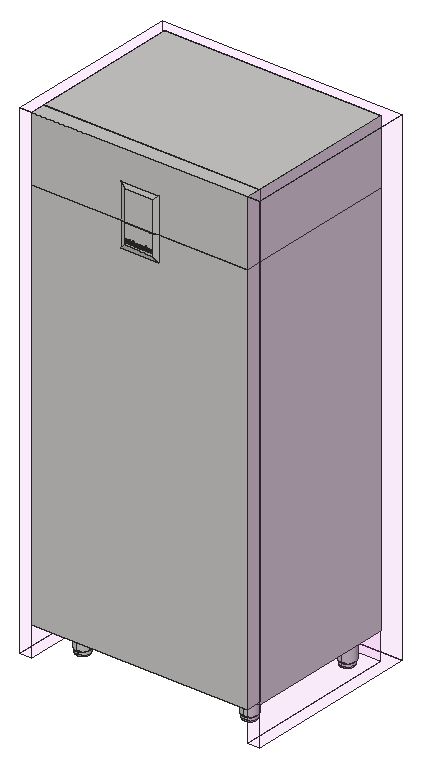
Revit family "QF_ELECTROLUXPROFESSIONAL_691357_ICF61FHC", category Specialty Equipment, Revit 2018
Family settings
  Round Connector Dimension = Use Diameter
  Part Type = Normal
  Work Plane-Based = No
  Always vertical = Yes
  Cut with Voids When Loaded = No
  Shared = No
  Room Calculation Point = No
Parameters (values of type "Standard")
  Weight = 26.747 lbm
  Watts = 0 W
  Volts = 220 V
  URL Manufacturer = "http://professional.electrolux.com"
  URL = "http://professional.electrolux.com"
  Steam Supply Size = 0"
  Steam Supply Minimum Pressure = 0.00 psi
  Steam Supply Maximum Pressure = 0.00 psi
  Steam Pounds per Hour = 0
  Show Clearance [instance] = yes
  Refrigeration Suction Line Size = 0"
  Refrigeration Liquid Line Size = 0"
  Refrigerant Compressor Remote = yes
  Phase = 1
  Model = "ICF61FHC"
  Manufacturer = "Electrolux Professional"
  Length Actual = 900 mm  # constant formula
  Item Number = "691357"
  Hot Water Size = 0"
  Height Actual = 2040 mm  # constant formula
  HP = "0.6 HP"
  Gas Size = 0"
  Gas KW = 0
  Gas Input Pressure = 0.0 Btu/h
  Direct Waste Size = 0"
  Description = "1-DOOR ICE CREAM PRESERVER 720L -28/-12°"
  Depth Actual = 700 mm  # constant formula
  Cycle = 50 Hz
  Condensate Return Size = 0"
  Compressed Air Volume = 0 GPM
  Compressed Air Size = 0"
  Compressed Air Pressure = 0.00 psi
  Cold Water Size = 0"
  Accessory = yes
Types (2, lengths in mm): name | URL | Phase | Model | Manufacturer | Description
  (no name) | "http://professional.electrolux.com/" | 0 | "RBC201" | "Electrolux" | "BLAST CHILLER 56 KG 20 GN1/1"
  Standard | "http://professional.electrolux.com" | 1 | "ICF61FHC" | "Electrolux Professional" | "1-DOOR ICE CREAM PRESERVER 720L -28/-12°"
Values of the unnamed type that differ from the named types
  Volts = 380 V
  URL Manufacturer = "http://professional.electrolux.com/"
  Item Number = "726624"
Reference planes
  plane 1 "BACK": y = 0
  plane 2: z = 0
  plane 3 "LEFT": x = 0
  plane 4 "RIGHT": x = 900
  plane 5 "FRONT": y = -700
  plane 6 "TOP": z = 2040
  plane 7 "Center Y": x = 450
  plane 8 "Center X": y = -350
  plane 9: x = 102
  plane 10: x = 798
  plane 11: z = 115
  plane 12: z = 86
  plane 13: y = -80
  plane 14: y = -694
  plane 15: y = -1527
  plane 16: y = -630
  plane 17: z = 1770
  plane 18: x = -50
  plane 19: y = 50
  plane 20: x = 950
Forms (mm)
  Extrusion 1, solid, material "QF_Metal - Stainless - Polished"
    sketch origin (0, 0, 0) x (1, 0, 0) y (0, 0, 1)
      loop
        line (0, 2040) -> (0, 1770) -> (900, 1770) -> (900, 2040) -> (0, 2040)
    from 0 to 630
  Extrusion 2, solid, material "QF_Metal - Stainless - Polished"
    sketch origin (0, 0, 0) x (1, 0, 0) y (0, 0, 1)
      loop
        line (0, 1770) -> (0, 115) -> (900, 115) -> (900, 1770) -> (0, 1770)
    from 0 to 630
  Extrusion 3, solid, material "QF_Metal - Stainless - Polished"
    sketch origin (-370, 0, -128) x (1, 0, 0) y (0, 0, 1)
      loop
        circle (450, 1847.083) r 20
    from -7.507 to 0
  Extrusion 4, solid, material "QF_Door-Drawer Clearances", visible <- "Show Clearance", detail levels coarse
    sketch origin (0, 0, 0) x (1, 0, 0) y (0, 1, 0)
      loop
        line (900, -694) -> (0, -694)
        arc (0, -694) -> (275.209, -1299.35) -> (900, -1527) r 859.201
        line (900, -1527) -> (900, -694)
    from 127.536 to 1770
  Extrusion 5, solid, material "QF_Metal - Stainless - Polished"
    sketch origin (0, 130.478, 0) x (1, 0, 0) y (0, 0, 1)
      loop
        line (0, 2040) -> (0, 1770) -> (900, 1770) -> (900, 2040) -> (0, 2040)
    from 760.478 to 824.478
  Extrusion 6, solid, material "QF_Metal - Stainless - Polished"
    sketch origin (0, 140, 0) x (1, 0, 0) y (0, 0, 1)
      loop
        line (0, 1770) -> (0, 127.536) -> (900, 127.536) -> (900, 1770) -> (0, 1770)
    from 834 to 770
  Revolve 7, solid, material "QF_Metal - Stainless - Polished"
    sketch origin (798, -2.833, 0) x (0, 1, 0) y (0, 0, -1)
      loop
        line (-590.954, -115) -> (-553.167, -115) -> (-553.167, 0) -> (-578.757, 0)
        arc (-578.757, 0) -> (-580.973, -2.655) -> (-581.767, -6.021) r 7.527
        line (-581.767, -6.021) -> (-581.767, -17.561) -> (-585.28, -21.074) -> (-585.28, -110.008) -> (-590.954, -110.008) -> (-590.954, -115)
      axis (-553.167, 0) -> (-553.167, -115)
    angle from 0 to 360
  Revolve 8, solid, material "QF_Metal - Stainless - Polished"
    sketch origin (102, -2.833, 0) x (0, 1, 0) y (0, 0, 1)
      loop
        line (-590.954, 115) -> (-590.954, 110.008) -> (-585.28, 110.008) -> (-585.28, 21.074) -> (-581.767, 17.561) -> (-581.767, 6.021)
        arc (-581.767, 6.021) -> (-580.973, 2.655) -> (-578.757, 0) r 7.527
        line (-578.757, 0) -> (-553.167, 0) -> (-553.167, 115) -> (-590.954, 115)
      axis (-553.167, 0) -> (-553.167, 115)
    angle from 0 to 360
  Revolve 9, solid, material "QF_Metal - Stainless - Polished"
    sketch origin (824, -759.167, 0) x (0, -1, 0) y (0, 0, 1)
      loop
        line (-716.954, 115) -> (-716.954, 110.008) -> (-711.28, 110.008) -> (-711.28, 21.074) -> (-707.767, 17.561) -> (-707.767, 6.021)
        arc (-707.767, 6.021) -> (-706.973, 2.655) -> (-704.757, 0) r 7.527
        line (-704.757, 0) -> (-679.167, 0) -> (-679.167, 115) -> (-716.954, 115)
      axis (-679.167, 0) -> (-679.167, 115)
    angle from 0 to 360
  Revolve 10, solid, material "QF_Metal - Stainless - Polished"
    sketch origin (76, -759.167, 0) x (0, -1, 0) y (0, 0, 1)
      loop
        line (-716.954, 115) -> (-716.954, 110.008) -> (-711.28, 110.008) -> (-711.28, 21.074) -> (-707.767, 17.561) -> (-707.767, 6.021)
        arc (-707.767, 6.021) -> (-706.973, 2.655) -> (-704.757, 0) r 7.527
        line (-704.757, 0) -> (-679.167, 0) -> (-679.167, 115) -> (-716.954, 115)
      axis (-679.167, 0) -> (-679.167, 115)
    angle from 0 to 360
  Blend 11, solid, material "QF_Metal - Stainless - Polished"
    base sketch origin (0, -694, 0) x (1, 0, 0) y (0, 0, 1)
      loop
        line (370, 1914.822) -> (370, 1664.822) -> (530, 1664.822) -> (530, 1914.822) -> (370, 1914.822)
    top sketch origin (0, -694, 0) x (1, 0, 0) y (0, 0, 1)
      loop
        line (510, 1894.822) -> (390, 1894.822) -> (390, 1684.822) -> (510, 1684.822) -> (510, 1894.822)
    from 0 to 6
  Extrusion 12, void
    sketch origin (0, -700, 0) x (-1, 0, 0) y (0, 0, 1)
      loop
        line (-370, 1770.997) -> (-530, 1770.997) -> (-530, 1769.003) -> (-370, 1769.003) -> (-370, 1770.997)
    from 0 to 6
  Extrusion 13, solid, material "QF_Door-Drawer Clearances"
    sketch origin (0, 0, 0) x (1, 0, 0) y (0, 1, 0)
      loop
        line (0, -694) -> (0, 0) -> (900, 0) -> (900, -694) -> (950, -694) -> (950, 50) -> (-50, 50) -> (-50, -694) -> (0, -694)
    from 0 to 2040
Cuts and joins
  Extrusion 12 cuts Extrusion 1
  Extrusion 12 cuts Extrusion 2
  Extrusion 12 cuts Extrusion 5
  Extrusion 12 cuts Extrusion 6
  Extrusion 12 cuts Blend 11
Lines and regions (mm)
  Split face 1
    outline origin (0, -700, 0) x (1, 0, 0) y (0, 0, 1)
      loop
        line (415, 1894.822) -> (415, 1742.499) -> (485, 1742.499) -> (485, 1894.822)
  symbolic lines
    curve 1: line (0, 0, 0) -> (900, 0, 0)
    curve 2: line (0, -694, 0) -> (0, 0, 0)
    curve 3: line (900, -694, 0) -> (0, -694, 0)
    curve 4: line (900, 0, 0) -> (900, -694, 0)
    curve 5: line (0, -630, 0) -> (900, -630, 0)
    curve 6: line (370, -694, 0) -> (390, -700, 0)
    curve 7: line (390, -700, 0) -> (510, -700, 0)
    curve 8: line (510, -700, 0) -> (530, -694, 0)
  symbolic lines, style "QF_Door-Drawer Clearances"
    curve 9: arc (0, -694, 0) -> (275.209, -1299.35, 0) -> (900, -1527, 0) r 859.201
    curve 10: line (900, -1527, 0) -> (900, -694, 0)
    curve 11: line (0, -694, 0) -> (-50, -694, 0)
    curve 12: line (-50, -694, 0) -> (-50, 50, 0)
    curve 13: line (-50, 50, 0) -> (950, 50, 0)
    curve 14: line (950, 50, 0) -> (950, -694, 0)
    curve 15: line (950, -694, 0) -> (900, -694, 0)
Dimensions and locks
  equal spacing: plane 3 "LEFT", plane 7 "Center Y", plane 4 "RIGHT"
  plane 3 "LEFT" to plane 4 "RIGHT" = 900 mm
  equal spacing: plane 5 "FRONT", plane 8 "Center X", plane 1 "BACK"
  plane 5 "FRONT" to plane 1 "BACK" = 700 mm
  plane 6 "TOP" to level = 2040 mm
  plane 9 to plane 3 "LEFT" = 102 mm
  plane 10 to plane 4 "RIGHT" = 102 mm
  plane 10 to plane 9 = 696 mm
  plane 11 to level = 115 mm
  plane 12 to plane 11 = 29 mm
  plane 1 "BACK" to plane 13 = 80 mm
  plane 15 to plane 1 "BACK" = 1527 mm
  plane 3 "LEFT" to Extrusion 4 = 900 mm
  plane 11 to plane 2 = 115 mm
  plane 1 "BACK" to plane 16 = 630 mm
  plane 18 to plane 3 "LEFT" = 50 mm
  plane 4 "RIGHT" to plane 20 = 50 mm
  plane 1 "BACK" to plane 19 = 50 mm
  aligned and locked: level to plane 2
  aligned and locked: Extrusion 5 to plane 4 "RIGHT"
  aligned and locked: Extrusion 5 to plane 3 "LEFT"
  aligned and locked: plane 5 "FRONT" to Blend 11
Automatic sketch dimensions
  Extrusion 1 sketch curve to plane 3 "LEFT" = 0 mm
  plane 4 "RIGHT" to Extrusion 1 sketch curve = 0 mm
  Extrusion 1 sketch curve to plane 17 = 0 mm
  Extrusion 1 sketch curve to plane 6 "TOP" = 0 mm
  Extrusion 2 sketch curve to plane 3 "LEFT" = 0 mm
  plane 4 "RIGHT" to Extrusion 2 sketch curve = 0 mm
  Extrusion 2 sketch curve to plane 11 = 0 mm
  Extrusion 2 sketch curve to plane 17 = 0 mm
  Extrusion 3 sketch curve to plane 9 = 22 mm
  Extrusion 3 sketch curve to plane 17 = 50.917 mm
  Extrusion 4 sketch curve to plane 3 "LEFT" = 0 mm
  Extrusion 4 sketch curve to plane 4 "RIGHT" = 0 mm
  Extrusion 4 sketch curve to plane 15 = 0 mm
  plane 14 to Extrusion 4 sketch curve = 0 mm
  Extrusion 4 sketch curve to plane 14 = 25.214 mm
  Extrusion 5 sketch curve to plane 3 "LEFT" = 0 mm
  plane 4 "RIGHT" to Extrusion 5 sketch curve = 0 mm
  Extrusion 5 sketch curve to plane 17 = 0 mm
  Extrusion 5 sketch curve to plane 6 "TOP" = 0 mm
  Extrusion 6 sketch curve to plane 3 "LEFT" = 0 mm
  plane 4 "RIGHT" to Extrusion 6 sketch curve = 0 mm
  Extrusion 6 sketch curve to plane 17 = 0 mm
  plane 11 to Extrusion 6 sketch curve = 12.536 mm
  plane 11 to Revolve 7 sketch curve = 0 mm
  Revolve 7 sketch curve to level = 0 mm
  plane 16 to Revolve 7 sketch curve = 36.213 mm
  Revolve 7 sketch curve to Revolve 7 sketch curve = 5.674 mm
  Revolve 7 sketch curve to Revolve 7 sketch curve = 3.513 mm  (x2)
  Revolve 7 sketch curve to Revolve 7 sketch curve = 3.01 mm
  level to Revolve 7 sketch curve = 6.021 mm
  Revolve 7 sketch curve to Revolve 7 sketch curve = 21.073 mm
  Revolve 7 sketch curve to plane 11 = 4.992 mm  (x2)
  Revolve 7 sketch curve to Revolve 7 sketch curve = 15.053 mm
  Revolve 7 sketch curve to Revolve 7 sketch curve = 0 mm
  Revolve 7 sketch curve to Revolve 7 sketch curve = 20.008 mm
  Revolve 8 sketch curve to plane 11 = 0 mm
  Revolve 8 sketch curve to level = 0 mm
  plane 16 to Revolve 8 sketch curve = 36.213 mm
  Revolve 8 sketch curve to Revolve 8 sketch curve = 5.674 mm
  Revolve 8 sketch curve to Revolve 8 sketch curve = 3.513 mm  (x2)
  Revolve 8 sketch curve to Revolve 8 sketch curve = 3.01 mm
  level to Revolve 8 sketch curve = 6.021 mm
  Revolve 8 sketch curve to Revolve 8 sketch curve = 21.073 mm
  Revolve 8 sketch curve to Revolve 8 sketch curve = 11.54 mm
  Revolve 8 sketch curve to plane 11 = 4.992 mm
  Revolve 8 sketch curve to Revolve 8 sketch curve = 0 mm
  Revolve 8 sketch curve to Revolve 8 sketch curve = 4.992 mm
  plane 11 to Revolve 8 sketch curve = 20.008 mm
  Revolve 9 sketch curve to plane 11 = 0 mm
  Revolve 9 sketch curve to level = 0 mm
  Revolve 9 sketch curve to plane 13 = 0 mm  (x2)
  level to Revolve 9 sketch curve = 6.021 mm
  Revolve 9 sketch curve to plane 13 = 21.073 mm
  Revolve 9 sketch curve to Revolve 9 sketch curve = 4.517 mm
  Revolve 9 sketch curve to Revolve 9 sketch curve = 3.513 mm  (x2)
  Revolve 9 sketch curve to Revolve 9 sketch curve = 5.674 mm
  Revolve 9 sketch curve to Revolve 9 sketch curve = 11.54 mm
  Revolve 9 sketch curve to plane 11 = 4.992 mm
  Revolve 9 sketch curve to Revolve 9 sketch curve = 4.992 mm
  plane 11 to Revolve 9 sketch curve = 20.008 mm
  Revolve 10 sketch curve to plane 11 = 0 mm
  Revolve 10 sketch curve to level = 0 mm
  Revolve 10 sketch curve to plane 13 = 0 mm  (x2)
  Revolve 10 sketch curve to level = 6.021 mm
  plane 13 to Revolve 10 sketch curve = 21.073 mm
  Revolve 10 sketch curve to Revolve 10 sketch curve = 4.517 mm
  Revolve 10 sketch curve to Revolve 10 sketch curve = 3.513 mm  (x2)
  Revolve 10 sketch curve to Revolve 10 sketch curve = 5.674 mm
  Revolve 10 sketch curve to Revolve 10 sketch curve = 11.54 mm
  plane 11 to Revolve 10 sketch curve = 4.992 mm  (x2)
  Revolve 10 sketch curve to Revolve 10 sketch curve = 20.008 mm
  Blend 11 sketch curve to Extrusion 6 = 105.178 mm
  Blend 11 sketch curve to Extrusion 6 = 370 mm
  Blend 11 sketch curve to Blend 11 sketch curve = 160 mm
  Extrusion 6 to Blend 11 sketch curve = 144.822 mm
  Extrusion 6 to Blend 11 sketch curve = 124.822 mm
  Blend 11 sketch curve to Extrusion 6 = 390 mm
  Blend 11 sketch curve to Blend 11 sketch curve = 120 mm
  Blend 11 sketch curve to Extrusion 6 = 85.178 mm
  Split face 1 sketch curve to Blend 11 = 0 mm  (x2)
  Split face 1 sketch curve to Blend 11 = 25 mm  (x2)
  Split face 1 sketch curve to Blend 11 = 57.677 mm
  Extrusion 12 sketch curve to Blend 11 = 20 mm  (x2)
  Blend 11 to Extrusion 12 sketch curve = 84.181 mm
  Extrusion 12 sketch curve to Extrusion 12 sketch curve = 1.995 mm
  Extrusion 13 sketch curve to plane 18 = 0 mm
  plane 1 "BACK" to Extrusion 13 sketch curve = 0 mm
  Extrusion 13 sketch curve to plane 3 "LEFT" = 0 mm
  Extrusion 13 sketch curve to plane 4 "RIGHT" = 0 mm
  Extrusion 13 sketch curve to plane 19 = 0 mm
  Extrusion 13 sketch curve to plane 20 = 0 mm
  plane 14 to Extrusion 13 sketch curve = 0 mm  (x2)
  curve 13 to plane 18 = 0 mm
  curve 3 to plane 3 "LEFT" = 0 mm
  plane 5 "FRONT" to curve 7 = 0 mm
  curve 9 to plane 4 "RIGHT" = 0 mm
  curve 15 to plane 4 "RIGHT" = 0 mm
  plane 14 to curve 14 = 0 mm
  curve 14 to plane 20 = 0 mm
  curve 10 to plane 15 = 0 mm
  curve 5 to plane 16 = 0 mm
  plane 1 "BACK" to curve 4 = 0 mm
  curve 13 to plane 19 = 0 mm
  curve 7 to plane 7 "Center Y" = 60 mm
  plane 7 "Center Y" to curve 8 = 60 mm
  curve 9 to plane 14 = 25.214 mm
  curve 6 to curve 6 = 20 mm
  curve 7 to curve 8 = 20 mm
  radius of Extrusion 3 sketch curve = 20 mm
Nested families
  nested 1: "ELX_Logo_S" at (450.625, -700, 1704.375) x (1, 0, 0) z (0, -1, 0), type "ELX_Logo_S"
Connectors
  electrical at (80, 7.507, 1719.083), driven by "Volts"
    settings: on Extrusion 3, index 2, voltage 220 V, apparent load 0 VA, apparent load phase1 0 VA, apparent load phase2 0 VA, apparent load phase3 0 VA, power factor 1, load classification "Other", number of poles 1, system type 30, power factor state 1, is connector primary yes, connector utility no, sub classification motor no, connector description "Electrical Connection"
Definition of nested family "ELX_Logo_S"
  Parameters (values of type "ELX_Logo_S")
    Default Elevation = 0 mm
  Reference planes
    plane 1 "Centro (Fronte/Retro)": y = 0
    plane 2: z = 0
    plane 3 "Centro (Sinistra/Destra)": x = 0
  Forms (mm)
    Extrusion 1, solid
      sketch origin (0, 0, 0) x (1, 0, 0) y (0, 1, 0)
        loop
          line (-1219.2, 1219.2) -> (-1219.2, -1219.2) -> (1219.2, -1219.2) -> (1219.2, 1219.2) -> (-1219.2, 1219.2)
      from 0 to -304.8
    Extrusion 2, solid
      sketch origin (0, 0, 0) x (1, 0, 0) y (0, 1, 0)
        loop
          line (-43.793, 5.912) -> (-43.793, -6.455)
          arc (-43.793, -6.455) -> (-39.222, -0.272) -> (-43.793, 5.912) r 6.467
        loop
          arc (-44.422, 5.912) -> (-49.565, 4.743) -> (-52.043, 0.087) r 6.338
          line (-52.043, 0.087) -> (-49.997, 0.087)
          arc (-49.997, 0.087) -> (-46.342, 1.57) -> (-44.422, 5.016) r 5.941
          line (-44.422, 5.016) -> (-44.422, 5.912)
        loop
          arc (-44.422, -5.559) -> (-46.342, -2.114) -> (-49.997, -0.63) r 5.941
          line (-49.997, -0.63) -> (-52.043, -0.63)
          arc (-52.043, -0.63) -> (-49.569, -5.324) -> (-44.422, -6.614) r 6.504
          line (-44.422, -6.614) -> (-44.422, -5.559)
        loop
          line (-52.512, 6.586) -> (-52.512, -7.158) -> (-38.749, -7.158) -> (-38.749, 6.586) -> (-52.512, 6.586)
        loop
          arc (-35.782, 6.67) -> (-36.139, 6.322) -> (-35.801, 5.955) r 0.358
          arc (-35.801, 5.955) -> (-35.051, 5.641) -> (-34.666, 4.924) r 1.216
          line (-34.666, 4.924) -> (-34.666, -5.488)
          arc (-34.666, -5.488) -> (-34.944, -6.148) -> (-35.54, -6.544) r 1.238
          arc (-35.54, -6.544) -> (-35.791, -6.939) -> (-35.437, -7.244) r 0.358
          line (-35.437, -7.244) -> (-25.558, -7.244) -> (-25.558, -4.494) -> (-26.455, -4.494)
          arc (-26.455, -4.494) -> (-27.035, -5.403) -> (-28.012, -5.858) r 1.928
          line (-28.012, -5.858) -> (-30.511, -5.858)
          arc (-30.511, -5.858) -> (-31.24, -5.583) -> (-31.604, -4.894) r 1.101
          line (-31.604, -4.894) -> (-31.604, -0.808) -> (-27.931, -0.808)
          arc (-27.931, -0.808) -> (-27.434, -1.16) -> (-27.206, -1.725) r 1.083
          arc (-27.206, -1.725) -> (-26.9, -1.989) -> (-26.622, -1.697) r 0.292
          line (-26.622, -1.697) -> (-26.622, 1.265)
          arc (-26.622, 1.265) -> (-26.895, 1.568) -> (-27.225, 1.329) r 0.305
          arc (-27.225, 1.329) -> (-27.473, 0.839) -> (-27.931, 0.534) r 1.083
          line (-27.931, 0.534) -> (-31.604, 0.534) -> (-31.604, 5.211) -> (-27.857, 5.211)
          arc (-27.857, 5.211) -> (-27.101, 4.997) -> (-26.603, 4.39) r 1.314
          arc (-26.603, 4.39) -> (-26.199, 4.171) -> (-25.907, 4.526) r 0.361
          line (-25.907, 4.526) -> (-25.907, 6.67) -> (-35.782, 6.67)
        loop
          arc (-25.126, 5.953) -> (-24.207, 5.572) -> (-23.827, 4.654) r 1.299
          line (-23.827, 4.654) -> (-23.827, -4.925)
          arc (-23.827, -4.925) -> (-24.205, -5.763) -> (-25.083, -6.035) r 1.118
          line (-25.083, -6.035) -> (-25.083, -7.244) -> (-19.733, -7.244) -> (-19.733, -6.056)
          arc (-19.733, -6.056) -> (-20.65, -5.784) -> (-21.046, -4.914) r 1.153
          line (-21.046, -4.914) -> (-21.046, 7.158) -> (-25.126, 5.953)
        loop
          line (-17.097, -2.28) -> (-10.65, -2.28) -> (-10.65, -1.481)
          arc (-10.65, -1.481) -> (-11.634, 1.1) -> (-14.088, 2.369) r 3.874
          line (-14.088, 2.369) -> (-15.848, 2.369)
          arc (-15.848, 2.369) -> (-18.713, 1.182) -> (-19.899, -1.682) r 4.051
          line (-19.899, -1.682) -> (-19.899, -3.691)
          arc (-19.899, -3.691) -> (-18.414, -6.509) -> (-15.407, -7.561) r 4.352
          arc (-15.407, -7.561) -> (-12.944, -7.196) -> (-10.87, -5.819) r 5.713
          line (-10.87, -5.819) -> (-10.87, -4.87)
          arc (-10.87, -4.87) -> (-12.439, -5.603) -> (-14.157, -5.819) r 5.579
          arc (-14.157, -5.819) -> (-16.12, -5.025) -> (-17.097, -3.146) r 3.057
          line (-17.097, -3.146) -> (-17.097, -2.28)
        loop
          line (-17.097, -1.02) -> (-13.515, -1.02)
          arc (-13.515, -1.02) -> (-13.468, 0.436) -> (-14.627, 1.319) r 1.59
          line (-14.627, 1.319) -> (-15.457, 1.319)
          arc (-15.457, 1.319) -> (-16.712, 0.455) -> (-17.097, -1.02) r 2.184
        loop
          arc (-1.232, 1.771) -> (-2.906, 2.259) -> (-4.643, 2.417) r 9.023
          line (-4.643, 2.417) -> (-6.005, 2.417)
          arc (-6.005, 2.417) -> (-8.805, 1.257) -> (-9.965, -1.542) r 3.959
          line (-9.965, -1.542) -> (-9.965, -4.142)
          arc (-9.965, -4.142) -> (-8.672, -6.424) -> (-6.299, -7.541) r 4.331
          line (-6.299, -7.541) -> (-4.164, -7.541)
          arc (-4.164, -7.541) -> (-2.614, -7.033) -> (-1.268, -6.112) r 5.772
          arc (-1.268, -6.112) -> (-1.217, -5.35) -> (-1.976, -5.263) r 0.553
          arc (-1.976, -5.263) -> (-2.71, -5.651) -> (-3.529, -5.785) r 2.573
          line (-3.529, -5.785) -> (-5.044, -5.785)
          arc (-5.044, -5.785) -> (-6.686, -4.779) -> (-7.328, -2.965) r 2.884
          line (-7.328, -2.965) -> (-7.328, -1.686)
          arc (-7.328, -1.686) -> (-6.768, 0.135) -> (-5.103, 1.062) r 2.554
          line (-5.103, 1.062) -> (-4.05, 1.062)
          arc (-4.05, 1.062) -> (-3.122, 0.73) -> (-2.387, 0.073) r 2.564
          arc (-2.387, 0.073) -> (-1.67, -0.148) -> (-1.232, 0.461) r 0.643
          line (-1.232, 0.461) -> (-1.232, 1.771)
        loop
          line (-0.962, 0.752) -> (0.539, 0.752) -> (0.539, -5.296)
          arc (0.539, -5.296) -> (1.197, -6.884) -> (2.785, -7.541) r 2.246
          line (2.785, -7.541) -> (4.369, -7.541)
          arc (4.369, -7.541) -> (5.233, -7.228) -> (6.005, -6.727) r 4.06
          arc (6.005, -6.727) -> (6.138, -5.995) -> (5.437, -5.743) r 0.576
          arc (5.437, -5.743) -> (4.911, -5.849) -> (4.379, -5.785) r 1.69
          arc (4.379, -5.785) -> (3.591, -5.244) -> (3.288, -4.337) r 1.506
          line (3.288, -4.337) -> (3.288, 0.801) -> (5.685, 0.801) -> (6.241, 1.357) -> (6.241, 2.179) -> (3.382, 2.179) -> (3.382, 5.41) -> (-0.962, 0.752)
        loop
          line (7.139, -7.324) -> (12.526, -7.324) -> (12.526, -6.214)
          arc (12.526, -6.214) -> (11.575, -5.82) -> (11.181, -4.869) r 1.345
          line (11.181, -4.869) -> (11.181, -1.253)
          arc (11.181, -1.253) -> (11.773, -0.488) -> (12.695, -0.199) r 1.615
          line (12.695, -0.199) -> (14.251, -0.199) -> (14.936, 2.357) -> (13.553, 2.357) -> (10.994, 0.414) -> (10.994, 2.295) -> (8.288, 2.01)
          arc (8.288, 2.01) -> (7.758, 1.571) -> (7.959, 0.912) r 0.621
          arc (7.959, 0.912) -> (8.301, 0.512) -> (8.484, 0.018) r 1.501
          line (8.484, 0.018) -> (8.484, -4.869)
          arc (8.484, -4.869) -> (8.09, -5.82) -> (7.139, -6.214) r 1.345
          line (7.139, -6.214) -> (7.139, -7.324)
        loop
          line (14.473, -1.222) -> (14.473, -3.914)
          arc (14.473, -3.914) -> (15.781, -6.36) -> (18.311, -7.494) r 4.288
          arc (18.311, -7.494) -> (19.692, -7.557) -> (21.072, -7.494) r 15.022
          arc (21.072, -7.494) -> (23.603, -6.36) -> (24.91, -3.914) r 4.288
          line (24.91, -3.914) -> (24.91, -1.222)
          arc (24.91, -1.222) -> (23.603, 1.223) -> (21.072, 2.357) r 4.288
          arc (21.072, 2.357) -> (19.692, 2.421) -> (18.311, 2.357) r 15.022
          arc (18.311, 2.357) -> (15.781, 1.223) -> (14.473, -1.222) r 4.288
        loop
          line (17.587, -1.017) -> (17.587, -4.119)
          arc (17.587, -4.119) -> (19.744, -6.276) -> (21.901, -4.119) r 2.157
          line (21.901, -4.119) -> (21.901, -1.017)
          arc (21.901, -1.017) -> (19.744, 1.14) -> (17.587, -1.017) r 2.157
        loop
          arc (24.768, 5.964) -> (25.662, 5.593) -> (26.033, 4.699) r 1.264
          line (26.033, 4.699) -> (26.033, -5.165)
          arc (26.033, -5.165) -> (25.636, -6.035) -> (24.72, -6.307) r 1.153
          line (24.72, -6.307) -> (24.72, -7.244) -> (29.828, -7.244) -> (29.828, -6.316)
          arc (29.828, -6.316) -> (29.056, -5.957) -> (28.741, -5.165) r 1.153
          line (28.741, -5.165) -> (28.741, 7.158) -> (24.768, 5.964)
        loop
          arc (29.365, 1.084) -> (30.43, 0.885) -> (30.912, -0.085) r 1.215
          line (30.912, -0.085) -> (30.912, -5.105)
          arc (30.912, -5.105) -> (31.559, -6.719) -> (33.142, -7.44) r 2.338
          line (33.142, -7.44) -> (34.657, -7.44)
          arc (34.657, -7.44) -> (35.661, -7.266) -> (36.547, -6.763) r 2.979
          line (36.547, -6.763) -> (38.344, -7.244) -> (40.032, -7.244) -> (40.032, 2.181) -> (35.829, 1.887) -> (35.829, 1.101)
          arc (35.829, 1.101) -> (36.665, 0.745) -> (37.174, -0.007) r 1.605
          line (37.174, -0.007) -> (37.174, -5.11)
          arc (37.174, -5.11) -> (36.237, -5.531) -> (35.213, -5.603) r 2.94
          arc (35.213, -5.603) -> (34.112, -5.042) -> (33.669, -3.889) r 1.724
          line (33.669, -3.889) -> (33.669, 2.307) -> (29.365, 1.084)
        loop
          line (40.886, 2.112) -> (42.932, 0.44) -> (45.238, -2.734) -> (42.126, -6.191)
          arc (42.126, -6.191) -> (41.732, -6.428) -> (41.273, -6.405) r 0.789
          line (41.273, -6.405) -> (41.273, -7.244) -> (44.818, -7.244) -> (44.818, -6.418)
          arc (44.818, -6.418) -> (44.456, -6.076) -> (44.548, -5.586) r 0.52
          line (44.548, -5.586) -> (46.019, -3.786) -> (47.394, -5.904)
          arc (47.394, -5.904) -> (47.084, -6.305) -> (46.585, -6.392) r 0.7
          line (46.585, -6.392) -> (46.585, -7.244) -> (52.512, -7.244) -> (52.512, -6.358)
          arc (52.512, -6.358) -> (51.853, -6.291) -> (51.322, -5.896) r 1.247
          line (51.322, -5.896) -> (48.041, -1.696) -> (50.094, 0.751) -> (51.836, 2.112) -> (48.112, 2.112) -> (48.535, 0.627) -> (47.258, -0.895) -> (46.068, 0.806) -> (46.844, 2.112) -> (40.886, 2.112)
      from 0 to 1.644
  Dimensions and locks
    aligned and locked: plane 2 to Extrusion 1
    aligned and locked: level to Extrusion 1
